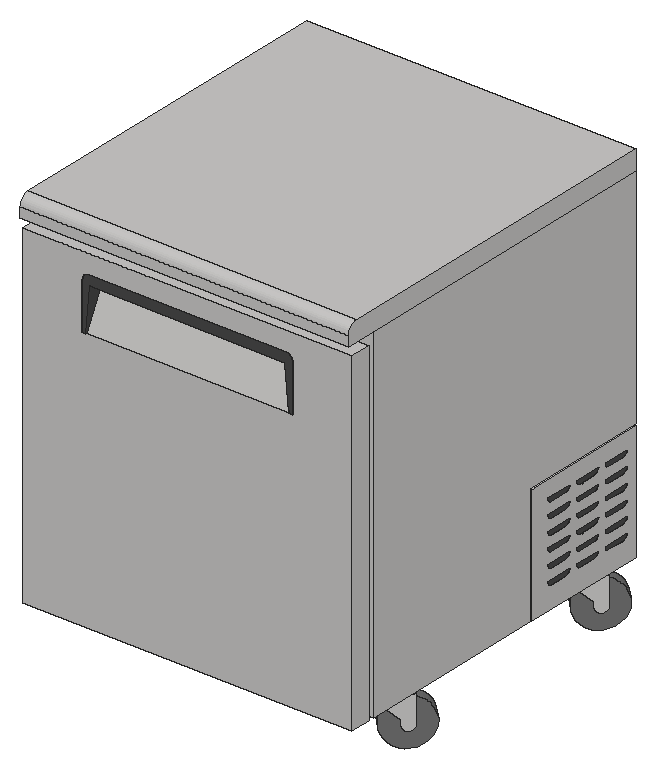
Revit family "QF_Turbo Air_MUR-28", category Specialty Equipment, Revit 2012
Parameters
  Weight in Pounds = 163
  Watermarked By = "http://revitwatermark.com"
  Volts = 115 V
  URL Cutsheet = ""
  URL = "www.turboairinc.com"
  Status [instance] = ""
  Specification by User [instance] = ""
  Specification by Manufacturer [instance] = ""
  Serial Number [instance] = ""
  Revision Code [instance] = ""
  Phase = 1
  Number of Poles [instance] = 1
  NAFEM Spec ID Number [instance] = ""
  Model = "MUR-28"
  Masterspec [instance] = ""
  Manufacturer = "Turbo Air"  # constant formula
  Legs [instance] = [6 inch Legs]  # no
  Item Number [instance] = "-"
  Installed By [instance] = ""
  HP = "1/5"
  Furnished By [instance] = ""
  Foodservice Equipment Identifier = yes
  FL Amps = 3.3 A
  Electrical Remarks [instance] = ""
  Electric Connection Type [instance] = ""
  Elec Conn RI Height [instance] = 0' - 0"
  Elec Conn Connection Height = 1' - 0"
  Description = "Undercounter Refrigerator"
  Cycle = 60 Hz
  Conn Plug = "NEMA 5-15P"
  Casters [instance] = not(Legs)  # yes
  CasterLeg Height [instance] = if([4 inch Casters], 0' 5", if([5 inch Casters], 0' 5 3/4", if([2_5 inch Casters], 0' 3 3/8", 0' 6")))  # 0' - 5"
  CSI MasterFormat = "11 41 13"
  Assembly Code = "E1090320"
  Apparent Power = if(Phase = 3, Volts * FL Amps * 1.73, Volts * FL Amps)  # 379.5 VA
  6 inch Legs [instance] = no
  5 inch Casters [instance] = no
  4 inch Casters [instance] = yes
  2_5 inch Casters [instance] = no
Reference planes (in)
  plane 1 "BACK": y = 0
  plane 2: z = 0
  plane 3 "LEFT": x = -20.78844
  plane 4 "Bottom": z = 5
  plane 5 "Back Stops": y = 1
  plane 6 "RIGHT": x = 6.71156
  plane 7 "FRONT": y = -30
  plane 8 "Door Clearance": y = -55.375
  plane 9 "Back of Door": y = -27.875
  plane 10 "Front of Box": y = -27.375
  plane 11 "Top of Door": z = 33.125
  plane 12 "TOP": z = 35.625
  plane 13 "Bottom of TOP": z = 34
Forms (in)
  Extrusion 1, solid, material "QF_Finishes_Stainless Steel"
    sketch origin (-20.78844, 0, 0) x (0, 1, 0) y (0, 0, 1)
      loop
        line (0, 5) -> (0, 34) -> (-27.375, 34) -> (-27.375, 5) -> (0, 5)
    from 0 to 27.5
  Extrusion 2, solid, material "QF_Finishes_Black"
    sketch origin (0, -27.375, 0) x (1, 0, 0) y (0, 0, 1)
      loop
        line (-19.78844, 32.125) -> (-19.78844, 6) -> (5.71156, 6) -> (5.71156, 32.125) -> (-19.78844, 32.125)
    from 0 to 0.5
  Extrusion 3, void
    sketch origin (6.71156, 0, 0) x (0, 1, 0) y (0, 0, 1)
      loop
        line (0, 5) -> (0, 15) -> (-11, 15) -> (-11, 5) -> (0, 5)
    from 0 to -1
  Extrusion 4, solid, material "QF_Finishes_Stainless Steel"
    sketch origin (6.71156, 0, 0) x (0, 1, 0) y (0, 0, 1)
      loop
        line (-10.875, 14.875) -> (-10.875, 5) -> (0, 5) -> (0, 14.875) -> (-10.875, 14.875)
      loop
        arc (-9.25, 13.5) -> (-9.10355, 13.14645) -> (-8.75, 13) r 0.5
        line (-8.75, 13) -> (-7.25, 13)
        arc (-7.25, 13) -> (-6.89645, 13.14645) -> (-6.75, 13.5) r 0.5
        line (-6.75, 13.5) -> (-9.25, 13.5)
      loop
        arc (-6.25, 13.5) -> (-6.10355, 13.14645) -> (-5.75, 13) r 0.5
        line (-5.75, 13) -> (-4.25, 13)
        arc (-4.25, 13) -> (-3.89645, 13.14645) -> (-3.75, 13.5) r 0.5
        line (-3.75, 13.5) -> (-6.25, 13.5)
      loop
        arc (-3.25, 13.5) -> (-3.10355, 13.14645) -> (-2.75, 13) r 0.5
        line (-2.75, 13) -> (-1.25, 13)
        arc (-1.25, 13) -> (-0.89645, 13.14645) -> (-0.75, 13.5) r 0.5
        line (-0.75, 13.5) -> (-3.25, 13.5)
      loop
        arc (-9.25, 12.25) -> (-9.10355, 11.89645) -> (-8.75, 11.75) r 0.5
        line (-8.75, 11.75) -> (-7.25, 11.75)
        arc (-7.25, 11.75) -> (-6.89645, 11.89645) -> (-6.75, 12.25) r 0.5
        line (-6.75, 12.25) -> (-9.25, 12.25)
      loop
        arc (-6.25, 12.25) -> (-6.10355, 11.89645) -> (-5.75, 11.75) r 0.5
        line (-5.75, 11.75) -> (-4.25, 11.75)
        arc (-4.25, 11.75) -> (-3.89645, 11.89645) -> (-3.75, 12.25) r 0.5
        line (-3.75, 12.25) -> (-6.25, 12.25)
      loop
        arc (-3.25, 12.25) -> (-3.10355, 11.89645) -> (-2.75, 11.75) r 0.5
        line (-2.75, 11.75) -> (-1.25, 11.75)
        arc (-1.25, 11.75) -> (-0.89645, 11.89645) -> (-0.75, 12.25) r 0.5
        line (-0.75, 12.25) -> (-3.25, 12.25)
      loop
        arc (-9.25, 11) -> (-9.10355, 10.64645) -> (-8.75, 10.5) r 0.5
        line (-8.75, 10.5) -> (-7.25, 10.5)
        arc (-7.25, 10.5) -> (-6.89645, 10.64645) -> (-6.75, 11) r 0.5
        line (-6.75, 11) -> (-9.25, 11)
      loop
        arc (-6.25, 11) -> (-6.10355, 10.64645) -> (-5.75, 10.5) r 0.5
        line (-5.75, 10.5) -> (-4.25, 10.5)
        arc (-4.25, 10.5) -> (-3.89645, 10.64645) -> (-3.75, 11) r 0.5
        line (-3.75, 11) -> (-6.25, 11)
      loop
        arc (-3.25, 11) -> (-3.10355, 10.64645) -> (-2.75, 10.5) r 0.5
        line (-2.75, 10.5) -> (-1.25, 10.5)
        arc (-1.25, 10.5) -> (-0.89645, 10.64645) -> (-0.75, 11) r 0.5
        line (-0.75, 11) -> (-3.25, 11)
      loop
        arc (-9.25, 9.75) -> (-9.10355, 9.39645) -> (-8.75, 9.25) r 0.5
        line (-8.75, 9.25) -> (-7.25, 9.25)
        arc (-7.25, 9.25) -> (-6.89645, 9.39645) -> (-6.75, 9.75) r 0.5
        line (-6.75, 9.75) -> (-9.25, 9.75)
      loop
        arc (-6.25, 9.75) -> (-6.10355, 9.39645) -> (-5.75, 9.25) r 0.5
        line (-5.75, 9.25) -> (-4.25, 9.25)
        arc (-4.25, 9.25) -> (-3.89645, 9.39645) -> (-3.75, 9.75) r 0.5
        line (-3.75, 9.75) -> (-6.25, 9.75)
      loop
        arc (-3.25, 9.75) -> (-3.10355, 9.39645) -> (-2.75, 9.25) r 0.5
        line (-2.75, 9.25) -> (-1.25, 9.25)
        arc (-1.25, 9.25) -> (-0.89645, 9.39645) -> (-0.75, 9.75) r 0.5
        line (-0.75, 9.75) -> (-3.25, 9.75)
      loop
        arc (-9.25, 8.5) -> (-9.10355, 8.14645) -> (-8.75, 8) r 0.5
        line (-8.75, 8) -> (-7.25, 8)
        arc (-7.25, 8) -> (-6.89645, 8.14645) -> (-6.75, 8.5) r 0.5
        line (-6.75, 8.5) -> (-9.25, 8.5)
      loop
        arc (-6.25, 8.5) -> (-6.10355, 8.14645) -> (-5.75, 8) r 0.5
        line (-5.75, 8) -> (-4.25, 8)
        arc (-4.25, 8) -> (-3.89645, 8.14645) -> (-3.75, 8.5) r 0.5
        line (-3.75, 8.5) -> (-6.25, 8.5)
      loop
        arc (-3.25, 8.5) -> (-3.10355, 8.14645) -> (-2.75, 8) r 0.5
        line (-2.75, 8) -> (-1.25, 8)
        arc (-1.25, 8) -> (-0.89645, 8.14645) -> (-0.75, 8.5) r 0.5
        line (-0.75, 8.5) -> (-3.25, 8.5)
      loop
        arc (-9.25, 7.25) -> (-9.10355, 6.89645) -> (-8.75, 6.75) r 0.5
        line (-8.75, 6.75) -> (-7.25, 6.75)
        arc (-7.25, 6.75) -> (-6.89645, 6.89645) -> (-6.75, 7.25) r 0.5
        line (-6.75, 7.25) -> (-9.25, 7.25)
      loop
        arc (-6.25, 7.25) -> (-6.10355, 6.89645) -> (-5.75, 6.75) r 0.5
        line (-5.75, 6.75) -> (-4.25, 6.75)
        arc (-4.25, 6.75) -> (-3.89645, 6.89645) -> (-3.75, 7.25) r 0.5
        line (-3.75, 7.25) -> (-6.25, 7.25)
      loop
        arc (-3.25, 7.25) -> (-3.10355, 6.89645) -> (-2.75, 6.75) r 0.5
        line (-2.75, 6.75) -> (-1.25, 6.75)
        arc (-1.25, 6.75) -> (-0.89645, 6.89645) -> (-0.75, 7.25) r 0.5
        line (-0.75, 7.25) -> (-3.25, 7.25)
    from 0 to -1
  Extrusion 5, solid, material "QF_Finishes_Black"
    sketch origin (6.71156, 0, 0) x (0, 1, 0) y (0, 0, 1)
      loop
        line (-9.875, 13.95221) -> (-9.875, 6.20221) -> (-0.375, 6.20221) -> (-0.375, 13.95221) -> (-9.875, 13.95221)
    from -0.125 to -1
  Extrusion 6, solid, material "QF_Finishes_Black"
    sketch origin (0, 0, 0) x (1, 0, 0) y (0, 0, 1)
      loop
        circle (-14.66344, 30.8125) r 0.5
      loop
        circle (0.58656, 30.8125) r 0.5
    from 0 to -1
  Extrusion 7, solid, material "QF_Finishes_Stainless Steel"
    sketch origin (0, 0, 0) x (1, 0, 0) y (0, 0, 1)
      loop
        circle (2.71156, 11.125) r 0.25
    from 0 to -0.0625
  Extrusion 8, solid, material "QF_Finishes_Polished Steel"
    sketch origin (-20.78844, 0, 0) x (0, 1, 0) y (0, 0, 1)
      loop
        line (0, 35.625) -> (-29.1875, 35.625)
        arc (-29.1875, 35.625) -> (-29.76202, 35.38702) -> (-30, 34.8125) r 0.8125
        line (-30, 34.8125) -> (-30, 34) -> (0, 34) -> (0, 35.625)
    from 0 to 27.5
Cuts and joins
  Extrusion 3 cuts Extrusion 1
Lines and regions (in)
  symbolic lines
    curve 1: line (-20.78844, 0, 35.875) -> (6.71156, 0, 35.875)
    curve 2: line (-20.78844, -30, 35.875) -> (-20.78844, 0, 35.875)
    curve 3: line (6.71156, -30, 35.875) -> (-20.78844, -30, 35.875)
    curve 4: line (6.71156, 0, 35.875) -> (6.71156, -30, 35.875)
    curve 5: line (0.08656, 1, 35.875) -> (1.08656, 1, 35.875)
    curve 6: line (-15.16344, 1, 35.875) -> (-14.16344, 1, 35.875)
    curve 7: line (-15.16344, 1, 35.875) -> (-15.16344, 0, 35.875)
    curve 8: line (-14.16344, 1, 35.875) -> (-14.16344, 0, 35.875)
    curve 9: line (0.08656, 1, 35.875) -> (0.08656, 0, 35.875)
    curve 10: line (1.08656, 1, 35.875) -> (1.08656, 0, 35.875)
  symbolic lines, style "QF_Clearances", detail levels coarse
    curve 11: line (6.71156, -30, 35.875) -> (6.71156, -55.375, 35.875)
    curve 12: arc (6.71156, -55.375, 35.875) -> (-11.96747, -48.05776, 35.875) -> (-20.70621, -30, 35.875) r 27.5
Dimensions and locks (in)
  "CasterLeg Height": plane 4 "Bottom" to plane 2
  locked: plane 1 "BACK" to plane 5 "Back Stops" at 1
  locked: plane 6 "RIGHT" to plane 3 "LEFT" at 27.5
  locked: plane 7 "FRONT" to plane 1 "BACK" at 30
  locked: plane 9 "Back of Door" to plane 10 "Front of Box" at 0.5
  locked: plane 8 "Door Clearance" to plane 1 "BACK" at 55.375
  locked: plane 11 "Top of Door" to Extrusion 2 sketch curve at 1
  locked: Extrusion 2 sketch curve to plane 3 "LEFT" at 1
  locked: Extrusion 2 sketch curve to plane 4 "Bottom" at 1
  locked: Extrusion 2 sketch curve to plane 6 "RIGHT" at 1
  locked: Extrusion 3 sketch curve to plane 1 "BACK" at 11
  locked: Extrusion 3 sketch curve to plane 4 "Bottom" at 10
  locked: plane 4 "Bottom" to Extrusion 4 sketch curve at 9.875
  locked: Extrusion 4 sketch curve to plane 1 "BACK" at 10.875
  locked: Extrusion 5 sketch curve to Extrusion 5 sketch curve at 7.75
  locked: Extrusion 5 sketch curve to plane 4 "Bottom" at 1.20221
  locked: Extrusion 5 sketch curve to Extrusion 5 sketch curve at 9.5
  locked: Extrusion 5 sketch curve to plane 1 "BACK" at 0.375
  locked: nested 1 to plane 1 "BACK" at 2.5625
  locked: plane 3 "LEFT" to nested 1 at 2.5
  locked: plane 3 "LEFT" to nested 2 at 2.5
  locked: plane 10 "Front of Box" to nested 2 at 4.625
  locked: nested 3 to plane 6 "RIGHT" at 2.5
  locked: nested 4 to plane 6 "RIGHT" at 2.5
  locked: plane 10 "Front of Box" to nested 4 at 4.625
  locked: nested 3 to plane 1 "BACK" at 2.5625
  locked: plane 6 "RIGHT" to Extrusion 6 sketch curve at 6.125
  locked: Extrusion 6 sketch curve to plane 3 "LEFT" at 6.125
  locked: Extrusion 7 sketch curve to plane 4 "Bottom" at 6.125
  locked: plane 6 "RIGHT" to Extrusion 7 sketch curve at 4
  locked: plane 12 "TOP" to plane 4 "Bottom" at 30.625
  locked: plane 12 "TOP" to plane 13 "Bottom of TOP" at 1.625
  locked: plane 13 "Bottom of TOP" to plane 11 "Top of Door" at 0.875
  plane 9 "Back of Door" to plane 1 "BACK" = 2' - 3 7/8"
  aligned and locked: level to plane 2
  aligned and locked: Extrusion 1 sketch curve to plane 1 "BACK"
  aligned and locked: Extrusion 1 sketch curve to plane 4 "Bottom"
  aligned and locked: plane 10 "Front of Box" to Extrusion 1 sketch curve
  aligned and locked: plane 6 "RIGHT" to Extrusion 1
  aligned and locked: plane 9 "Back of Door" to Extrusion 2
  aligned and locked: Extrusion 3 sketch curve to plane 1 "BACK"
  aligned and locked: Extrusion 3 sketch curve to plane 4 "Bottom"
  aligned and locked: Extrusion 6 to plane 5 "Back Stops"
  aligned and locked: plane 1 "BACK" to curve 1
  aligned and locked: curve 4 to plane 6 "RIGHT"
  aligned and locked: plane 3 "LEFT" to curve 2
  aligned and locked: curve 3 to plane 7 "FRONT"
  aligned and locked: curve 5 to Extrusion 6
  aligned and locked: curve 6 to Extrusion 6
  aligned and locked: Extrusion 1 sketch curve to plane 13 "Bottom of TOP"
  aligned and locked: plane 1 "BACK" to Extrusion 8 sketch curve
  aligned and locked: plane 13 "Bottom of TOP" to Extrusion 8 sketch curve
  aligned and locked: Extrusion 8 sketch curve to plane 7 "FRONT"
  aligned and locked: Extrusion 8 sketch curve to plane 12 "TOP"
  aligned and locked: plane 6 "RIGHT" to Extrusion 8
  aligned and locked: plane 4 "Bottom" to nested 5
Automatic sketch dimensions
  Extrusion 4 sketch curve to plane 1 "BACK" = 0' - 0"
  Extrusion 4 sketch curve to plane 4 "Bottom" = 0' - 0"
  Extrusion 4 sketch curve to Extrusion 4 sketch curve = 0' - 1 5/8"
  Extrusion 4 sketch curve to Extrusion 4 sketch curve = 0' - 0"  (x16)
  Extrusion 4 sketch curve to Extrusion 4 sketch curve = 0' - 0 1/2"  (x31)
  Extrusion 4 sketch curve to Extrusion 4 sketch curve = 0' - 1 1/2"  (x4)
  plane 1 "BACK" to Extrusion 4 sketch curve = 0' - 1 1/4"  (x3)
  plane 4 "Bottom" to Extrusion 4 sketch curve = 0' - 1 3/4"  (x2)
  Extrusion 4 sketch curve to Extrusion 4 sketch curve = 0' - 0 3/4"  (x15)
  plane 8 "Door Clearance" to curve 11 = 0' - 0"
  plane 9 "Back of Door" to curve 12 = 0' - 0"
  curve 5 to curve 5 = 0' - 1"
  curve 8 to curve 7 = 0' - 1"
  Extrusion 6 sketch curve to plane 11 "Top of Door" = 0' - 2 5/16"  (x2)
  curve 5 to plane 6 "RIGHT" = 0' - 5 5/8"
  curve 8 to curve 1 = 0' - 6 5/8"
  Extrusion 8 sketch curve to plane 7 "FRONT" = 0' - 0 13/16"
  radius of Extrusion 6 sketch curve = 0' - 0 1/2"  (x2)
  radius of Extrusion 7 sketch curve = 0' - 0 1/4"
Nested families (in)
  nested 1: "FESCasterLeg" at (-18.28844, -2.5625, 0), Legs <- "Legs", Casters <- "Casters", Height <- "CasterLeg Height", type "FESCasterLeg"
    with Legs no, Height 0' - 5", Casters yes, Caster Radius 0' - 2"
  nested 2: "FESCasterLeg" at (-18.28844, -22.75, 0), Legs <- "Legs", Casters <- "Casters", Height <- "CasterLeg Height", type "FESCasterLeg"
    with Legs no, Height 0' - 5", Casters yes, Caster Radius 0' - 2"
  nested 3: "FESCasterLeg" at (4.21156, -2.5625, 0), Legs <- "Legs", Casters <- "Casters", Height <- "CasterLeg Height", type "FESCasterLeg"
    with Legs no, Height 0' - 5", Casters yes, Caster Radius 0' - 2"
  nested 4: "FESCasterLeg" at (4.21156, -22.75, 0), Legs <- "Legs", Casters <- "Casters", Height <- "CasterLeg Height", type "FESCasterLeg"
    with Legs no, Height 0' - 5", Casters yes, Caster Radius 0' - 2"
  nested 5: "QF_Turbo Air_TBL_Door-1C" at (-8.46511, -27.875, 5) x (-1, 0, 0) z (0, 0, 1), type "QF_Turbo Air_TBL_Door-1"
    with Width 2' - 3 1/2", Symbolic Lines no, Height 2' - 4 1/8", Handle Width 1' - 5 5/8", Depth 0' - 1 13/16"
Connectors (in)
  electrical at (2.71156, 0.0625, 11.125), driven by "Number of Poles", driven by "Volts", driven by "Apparent Power"
    settings: on Extrusion 7, index 1, voltage 115 V, apparent load 379.5 VA, apparent load phase1 0 VA, apparent load phase2 0 VA, apparent load phase3 0 VA, power factor 1, load classification "Other", number of poles 1, system type 30, power factor state 1, is connector primary yes, connector utility no, sub classification motor no, connector description ""
Definition of nested family "FESCasterLeg"
  Parameters (values of type "FESCasterLeg")
    Watermarked By = "http://revitwatermark.com"
    Type Comments = "⍁⍉⌁⌀⏭⎽⌇⍠⌜⍉⎖⌥⌦⌯⍭⏊⍻⍿⍊⏵⍊⏗⏠⍴⎡⌈⎀⍠⌓⌤⏘⎐⍀⌐⏬⏁⎈⏍⏦⎒⏬⌝⍩⍇⌣〈⎫〉⎁⏊⍥⍖⍥⍝⍦⌖⍀⏌⏭⎝⎼⏷⏞⍻⏯⎽⏷⏞⍻⏯⎽⏷⎺⌻⎝⍎⌧⏷⏟⏿⌿⍜⍦⍤⌁⍬⏶⏎⍊⏚⏉⎞⌡⎀⎪⏈⌟⌿⍾⍼⌟⌿⌢⌞⏜⏝⎽⍷⍷⍯⍧⍷⌯⍽⏸⏨⏾⏎⌣⏺⍹⏼⏅⎏⌽⎫⎪⍙⎓⏗⎗⏅⌴⍏⍏⍿⏑⎺⍘⌭⏲⍥⎛⎾⎾⍞⍌⎪⎲⌙⎥⏏⎟⎟⏼⏘⎏⎝⏧⏍⏁⍏⍧⏯⏾⌟"
    Legs [instance] = yes
    Height [instance] = 0' - 6"
    Caster Radius [instance] = if(Height < 0' 3", 0' 1", (Height / 2) - 0' 0 1/2")  # 0' - 2 1/2"
    Casters [instance] = yes
    Assembly Code = ""
  Reference planes (in)
    plane 1 "Center (Front/Back)": y = 0
    plane 2: z = 0
    plane 3 "Center (Left/Right)": x = 0
    plane 4: z = 6
    plane 5: z = 5.5
  Forms (in)
    Extrusion 1, solid, material "QF_Finishes_Stainless Steel", visible <- "Casters"
      sketch origin (-24.12131, -22.88887, 10.18833) x (0.707107, 0.707107, 0) y (0, 0, 1)
        loop
          line (34.98772, -7.68833) -> (34.98772, -4.93833) -> (34.48772, -4.93833) -> (34.39402, -4.68833) -> (32.39402, -4.68833) -> (32.39402, -5.43833) -> (33.98772, -7.34206) -> (33.98772, -7.68833)
          arc (33.98772, -7.68833) -> (34.48772, -8.18833) -> (34.98772, -7.68833) r 0.5
      from 0 to 1.75
    Extrusion 2, solid, material "QF_Finishes_Rubber Black", visible <- "Casters"
      sketch origin (-24.32327, -23.09083, 13.31461) x (0.707107, 0.707107, 0) y (0, 0, 1)
        loop
          circle (34.77334, -10.81461) r 2.5
      from 0.375 to 1.375
    Extrusion 3, solid, material "QF_Finishes_Stainless Steel", visible <- "Casters"
      sketch origin (-7.24148, -8.48391, 0) x (0.707107, 0.707107, 0) y (0, 0, 1)
        loop
          line (10.61603, 5.5) -> (11.61603, 5.5) -> (11.61603, 6) -> (10.61603, 6) -> (10.61603, 5.5)
      from 0 to -1.75
    Blend 4, solid, material "QF_Finishes_Stainless Steel", visible <- "Legs"
      base sketch origin (0, 0, 0) x (1, 0, 0) y (0, 1, 0)
        loop
          circle (0, 0) r 0.5
      top sketch origin (0, 0, 0) x (1, 0, 0) y (0, 1, 0)
        loop
          circle (0, 0) r 1
      from 0 to 6 <- "Height"
  Lines and regions (in)
    symbolic lines, style "QF_Hidden Details", visible <- "Casters", built-in parameter 1006206 <- "Casters"
      curve 1: line (-1.26158, -0.51911, 0) -> (1.39007, 2.13254, 0)
      curve 2: line (-0.53429, -1.24639, 0) -> (2.11736, 1.40526, 0)
    symbolic lines, style "QF_Hidden Details", built-in parameter 1006206 <- "Casters", visible <- "Casters"
      curve 3: line (-1.26158, -0.51911, 0) -> (1.39007, 2.13254, 0)
      curve 4: line (-0.53429, -1.24639, 0) -> (2.11736, 1.40526, 0)
  Dimensions and locks (in)
    locked: plane 4 to plane 5 at 0.5
    "Height": plane 4 to level
    "Caster Radius": Extrusion 2 sketch curve to level
    "Caster Radius": Extrusion 1 sketch curve to level
    "Caster Radius": radius of Extrusion 2 sketch curve
    aligned and locked: plane 2 to level
    aligned: Blend 4 to Extrusion 3
    aligned and locked: plane 4 to Blend 4
    aligned and locked: Extrusion 3 to plane 5
    aligned and locked: plane 4 to Extrusion 3
    aligned and locked: plane 5 to Extrusion 1
  Automatic sketch dimensions
    plane 1 "Center (Front/Back)" to curve 3 = 0' - 0.51911"
    curve 3 to plane 3 "Center (Left/Right)" = 0' - 1.26158"
    plane 1 "Center (Front/Back)" to curve 1 = 0' - 0.51911"
    curve 1 to curve 3 = 0' - 0"  (x3)
    curve 4 to plane 3 "Center (Left/Right)" = 0' - 0.53429"
    curve 2 to curve 4 = 0' - 0"  (x2)
    plane 3 "Center (Left/Right)" to curve 3 = 0' - 1.39007"
    curve 1 to curve 4 = 0' - 0.72729"
    curve 2 to curve 1 = 0' - 0.72729"
    curve 4 to curve 2 = 0' - 0"  (x2)
    curve 2 to plane 1 "Center (Front/Back)" = 0' - 1.40526"
    curve 2 to curve 3 = 0' - 0.72729"
    plane 5 to Extrusion 1 sketch curve = 0' - 0"
    Extrusion 1 sketch curve to Extrusion 1 sketch curve = 0' - 1.5937"
    Extrusion 1 sketch curve to Extrusion 1 sketch curve = 0' - 2"
    Extrusion 1 sketch curve to Extrusion 1 sketch curve = 0' - 0.0937"
    Extrusion 1 sketch curve to Extrusion 1 sketch curve = 0' - 0 1/2"
    Extrusion 1 sketch curve to Extrusion 1 sketch curve = 0' - 0.34627"
    Extrusion 1 sketch curve to plane 5 = 0' - 0 3/4"
    Extrusion 1 sketch curve to plane 5 = 0' - 0 1/4"
    Extrusion 3 sketch curve to plane 5 = 0' - 0"
    plane 4 to Extrusion 3 sketch curve = 0' - 0"
    Extrusion 3 sketch curve to Extrusion 3 sketch curve = 0' - 1"
    plane 1 "Center (Front/Back)" to Blend 4 sketch curve = 0' - 0"  (x2)
    Blend 4 sketch curve to plane 3 "Center (Left/Right)" = 0' - 0"  (x2)
    radius of Blend 4 sketch curve = 0' - 0 1/2"
    radius of Blend 4 sketch curve = 0' - 1"
Definition of nested family "QF_Turbo Air_TBL_Door-1C"
  Parameters (values of type "QF_Turbo Air_TBL_Door-1C")
    Width [instance] = 2' - 5 5/16"
    Watermarked By = "http://revitwatermark.com"
    Symbolic Lines [instance] = yes
    Manufacturer = "Turbo Air"  # constant formula
    Height [instance] = 2' - 3 7/16"
    Handle Width [instance] = 1' - 5 5/8"
    Depth [instance] = 0' - 1 13/16"
  Reference planes (in)
    plane 1 "BACK": y = 0
    plane 2: z = 0
    plane 3 "LEFT": x = -15.17667
    plane 4: x = 14.13583
    plane 5 "FRONT": y = -1.8125
    plane 6: z = 27.4375
    plane 7 "Right of Handle": x = 8.29208
    plane 8 "Left of Handle": x = -9.33292
    plane 9: x = -0.52042
  Forms (in)
    Extrusion 1, solid, material "QF_Finishes_Black"
      sketch origin (-35.33292, 0, 15.01083) x (0, 0, -1) y (1, 0, 0)
        loop
          arc (-10.23917, 43.625) -> (-10.63691, 43.46025) -> (-10.80167, 43.0625) r 0.5625
          line (-10.80167, 43.0625) -> (-10.80167, 26.5625)
          arc (-10.80167, 26.5625) -> (-10.63691, 26.16475) -> (-10.23917, 26) r 0.5625
          line (-10.23917, 26) -> (-6.30167, 26) -> (-6.30167, 26.34375) -> (-9.98917, 26.66636) -> (-9.98917, 42.95864) -> (-6.30167, 43.28125) -> (-6.30167, 43.625) -> (-10.23917, 43.625)
      from 0 to 1.8125
    Extrusion 2, solid, material "QF_Finishes_Stainless Steel"
      sketch origin (-9.36417, 0, 15.01083) x (0, 1, 0) y (0, 0, 1)
        loop
          line (-1.8125, 6.30167) -> (0, 6.30167) -> (0, 9.98917) -> (-0.47036, 9.98917) -> (-1.8125, 6.30167)
      from 0.375 to 17.3125
    Extrusion 3, solid, material "QF_Finishes_Stainless Steel"
      sketch origin (0, 0, 0) x (1, 0, 0) y (0, 0, 1)
        loop
          line (-15.17667, 27.4375) -> (-15.17667, 0) -> (14.13583, 0) -> (14.13583, 27.4375) -> (-15.17667, 27.4375)
        loop
          arc (-8.77042, 25.8125) -> (-9.16816, 25.64775) -> (-9.33292, 25.25) r 0.5625
          line (-9.33292, 25.25) -> (-9.33292, 21.3125) -> (8.29208, 21.3125) -> (8.29208, 25.25)
          arc (8.29208, 25.25) -> (8.12733, 25.64775) -> (7.72958, 25.8125) r 0.5625
          line (7.72958, 25.8125) -> (-8.77042, 25.8125)
      from 0 to 1.8125
  Lines and regions (in)
    symbolic lines, visible <- "Symbolic Lines"
      curve 1: line (-15.17667, 0, 25.96875) -> (14.13583, 0, 25.96875)
      curve 2: line (-15.17667, -1.8125, 25.96875) -> (-15.17667, 0, 25.96875)
      curve 3: line (14.13583, -1.8125, 25.96875) -> (-15.17667, -1.8125, 25.96875)
      curve 4: line (14.13583, 0, 25.96875) -> (14.13583, -1.8125, 25.96875)
  Dimensions and locks (in)
    "Width": plane 4 to plane 3 "LEFT"
    "Depth": plane 5 "FRONT" to plane 1 "BACK"
    "Height": plane 6 to plane 2
    locked: Extrusion 3 sketch curve to Extrusion 3 sketch curve at 4.5
    locked: plane 6 to Extrusion 3 sketch curve at 1.625
    locked: plane 6 to Extrusion 1 sketch curve at 1.625
    locked: Extrusion 1 sketch curve to Extrusion 1 sketch curve at 0.8125
    locked: Extrusion 1 sketch curve to Extrusion 1 sketch curve at 4.5  (x2)
    locked: plane 6 to Extrusion 2 sketch curve at 2.4375
    locked: Extrusion 2 sketch curve to Extrusion 2 sketch curve at 3.6875
    locked: Extrusion 2 sketch curve to plane 5 "FRONT" at 1.34214
    "Handle Width": plane 8 "Left of Handle" to plane 7 "Right of Handle"
    locked: Extrusion 1 sketch curve to plane 8 "Left of Handle" at 0.34375
    locked: Extrusion 1 sketch curve to plane 8 "Left of Handle" at 0.66636
    locked: Extrusion 1 sketch curve to plane 8 "Left of Handle" at 0.5625
    locked: plane 7 "Right of Handle" to Extrusion 1 sketch curve at 0.34375
    locked: plane 7 "Right of Handle" to Extrusion 1 sketch curve at 0.66636
    locked: plane 7 "Right of Handle" to Extrusion 1 sketch curve at 0.5625
    locked: plane 8 "Left of Handle" to Extrusion 2 at 0.34375
    locked: plane 7 "Right of Handle" to Extrusion 2 at 0.34375
    equal spacing: plane 3 "LEFT", plane 9, plane 4
    plane 8 "Left of Handle" to plane 9 = 0' - 8 13/16"
    plane 9 to plane 7 "Right of Handle" = 0' - 8 13/16"
    aligned and locked: level to plane 2
    aligned and locked: Extrusion 3 sketch curve to plane 6
    aligned and locked: plane 3 "LEFT" to Extrusion 3 sketch curve
    aligned and locked: level to Extrusion 3 sketch curve
    aligned and locked: Extrusion 3 sketch curve to plane 4
    aligned and locked: plane 5 "FRONT" to Extrusion 3
    aligned and locked: Extrusion 2 sketch curve to plane 1 "BACK"
    aligned and locked: plane 1 "BACK" to curve 1
    aligned and locked: plane 3 "LEFT" to curve 2
    aligned and locked: curve 3 to plane 5 "FRONT"
    aligned and locked: curve 4 to plane 4
    aligned and locked: Extrusion 3 sketch curve to plane 7 "Right of Handle"
    aligned and locked: Extrusion 3 sketch curve to plane 8 "Left of Handle"
    aligned and locked: Extrusion 1 sketch curve to plane 7 "Right of Handle"
    aligned and locked: plane 8 "Left of Handle" to Extrusion 1 sketch curve
  Automatic sketch dimensions
    Extrusion 3 sketch curve to Extrusion 3 sketch curve = 0' - 0 9/16"  (x2)
    Extrusion 2 sketch curve to plane 5 "FRONT" = 0' - 0"
